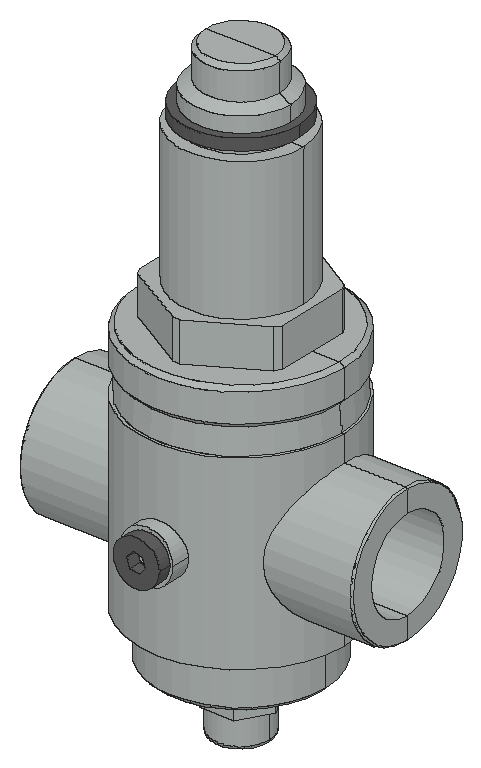
Revit family "HS00120000", category Apparecchi idraulici, Revit 2020
Family settings
  Quota connettore circolare = Usa diametro
  Tipo di parte = Normale
  Numero OmniClass = 23.45.00.00
  Titolo OmniClass = Sanitary, Laundry, and Cleaning Equipment
  Basato su piano di lavoro = No
  Sempre verticale = Sì
  Taglio con vuoti quando caricato = No
  Condiviso = No
  Punto di calcolo locali = No
Parameters
  URL = "https://web.cimberio.it/index.php/figura/1419?subcategoria_id=42"
  Temperatura di esercizio = "0 ÷ 80°C"
  Prospetto di default = 0 mm
  Produttore = "CIMBERIO SPA"
  Pressione nominale = "PN 25"
  Modello = "Cim 1430N"
  Materiale = "Prodotto in lega di ottone conforme alla norma EN 12165-CW617N-DW."
  Descrizione = "Utilizzato nei più svariati settori dell'impiantistica: reti di distribuzione acqua potabile, impianti di riscaldamento, condizionamento, igienico-sanitari e in generale con ogni fluido non corrosivo."
  DN Model [instance] = HS00121032 : HS00121032
  DN [instance] = 32 mm
  Commenti sul tipo = "Realizzato in ottemperanza ai requisiti gestionali della norma EN ISO 9001. Collaudato al 100% secondo la normativa EN 12266-1."
Reference planes
  plane 1 "Centro (Fronte/Retro)": y = 0
  plane 2: z = 0
  plane 3 "Centro (Sinistra/Destra)": x = 0
Dimensions and locks
  aligned and locked: level to plane 2
Nested families
  nested 1: "HS00121032" at (0, 0, 0), type <- "DN Model", type "HS00121032"
  nested 2: "HS00121032" at (0, 0, 0), type <- "DN Model", type "HS00121032"
  nested 3: "HS00121032" at (0, 0, 0), type <- "DN Model", type "HS00121032"
  nested 4: "HS00121032" at (0, 0, 0), type <- "DN Model", type "HS00121032"
  nested 5: "HS00121032" at (0, 0, 0), type <- "DN Model", type "HS00121032"
  nested 6: "HS00121032" at (0, 0, 0), type <- "DN Model", type "HS00121032"
Connectors
  piping at (58, 0, 0), diameter 32, driven by "DN"
    settings: on nested 1, index 1, connector inside diameter 609.6 mm, connector length 0 mm, flow factor 0, pipe flow 0.0 L/s, pressure drop 0.0 Pa, fitting loss kfactor 0, connector angle 0.00°, fixture units 0, engagement length 0 mm, angle of deflection 0.00°, flow configuration 0, flow direction 0, fitting loss method 0, system type 7, joint type 0, gender type 0, connector reference index -1, connector utility 0, adjustable connector no, is connector primary yes, connector description ""
  piping at (-58, 0, 0), diameter 32, driven by "DN"
    settings: on nested 1, index 2, connector inside diameter 609.6 mm, connector length 0 mm, flow factor 0, pipe flow 0.0 L/s, pressure drop 0.0 Pa, fitting loss kfactor 0, connector angle 0.00°, fixture units 0, engagement length 0 mm, angle of deflection 0.00°, flow configuration 0, flow direction 0, fitting loss method 0, system type 7, joint type 0, gender type 0, connector reference index -1, connector utility 0, adjustable connector no, is connector primary no, connector description ""
Definition of nested family "HS00121032"
  Parameters (values of type "HS00121032")
    Default Elevation = 0 mm
  Reference planes
    plane 1 "Centro (Fronte/Retro)": y = 0
    plane 2: z = 0
    plane 3 "Centro (Sinistra/Destra)": x = 0
  Forms (mm)
    Revolve 1, solid
      sketch origin (0, 0, 4.5) x (1, 0, 0) y (0, 0, 1)
        loop
          line (-16, 50.5) -> (-34.5, 50.5) -> (-36, 49) -> (-36, 39) -> (-34.5, 37.5) -> (-34.972, 28.501) -> (-36, 28.501) -> (-36, -37.5) -> (-31, -37.5) -> (-29.5, -40) -> (-29.5, -53) -> (-28, -54.5) -> (-16, -54.5) -> (-16, 50.5)
        axis (0, 50.5) -> (0, -54.5)
      angle from 0 to 360
    Revolve 2, solid
      sketch origin (0, 0, 63.5) x (1, 0, 0) y (0, 0, 1)
        loop
          line (0, 79) -> (-12, 79) -> (-13.5, 77.5) -> (-13.5, 68) -> (-17.5, 65.691) -> (-17.5, 54) -> (-22, 54) -> (-22, 5) -> (0, 5) -> (0, 79)
        axis (0, 79) -> (0, 5)
      angle from 0 to 360
    Revolve 3, solid
      sketch origin (0, 0, 0) x (1, 0, 0) y (0, 0, 1)
        loop
          line (-58, 16) -> (-22.731, 16) -> (-22.731, 24) -> (-57.36, 24) -> (-58, 23.5) -> (-58, 16)
        axis (-58, 0) -> (-22.731, 0)
      angle from 0 to 360
    Extrusion 4, solid
      sketch origin (0, 0, 0) x (1, 0, 0) y (0, 1, 0)
        loop
          line (12, 0) -> (6, 10.392) -> (-6, 10.392) -> (-12, 0) -> (-6, -10.392) -> (6, -10.392) -> (12, 0)
      from -62.5 to -50
    Revolve 5, solid
      sketch origin (0, 0, -22.5) x (1, 0, 0) y (0, 0, 1)
        loop
          line (0, -40) -> (0, -50.056) -> (9, -50.056)
          arc (9, -50.056) -> (9.707, -49.763) -> (10, -49.056) r 1
          line (10, -49.056) -> (10, -40) -> (0, -40)
        axis (0, -40) -> (0, -50.056)
      angle from 0 to 360
    Extrusion 6, solid
      sketch origin (0, 0, 8.063) x (1, 0, 0) y (0, 1, 0)
        loop
          circle (0, 0) r 17
        loop
          circle (0, 0) r 20.5
      from 111.937 to 115.937
    Extrusion 7, solid
      sketch origin (0, 0, 0) x (1, 0, 0) y (0, 0, 1)
        loop
          circle (0, 0) r 9.25
        loop
          line (-1.055, 3.299) -> (-3.385, 0.736) -> (-2.33, -2.564) -> (1.055, -3.299) -> (3.385, -0.736) -> (2.33, 2.564) -> (-1.055, 3.299)
      from -41 to 41
    Extrusion 8, solid
      sketch origin (0, 0, 0) x (1, 0, 0) y (0, 0, 1)
        loop
          circle (0, 0) r 8
        loop
          line (-3.385, 0.736) -> (-2.33, -2.564) -> (1.055, -3.299) -> (3.385, -0.736) -> (2.33, 2.564) -> (-1.055, 3.299) -> (-3.385, 0.736)
      from 41 to 45.5
    Extrusion 9, solid
      sketch origin (0, 0, 0) x (1, 0, 0) y (0, 0, -1)
        loop
          circle (0, 0) r 8
        loop
          line (-3.385, -0.736) -> (-1.055, -3.299) -> (2.33, -2.564) -> (3.385, 0.736) -> (1.055, 3.299) -> (-2.33, 2.564) -> (-3.385, -0.736)
      from 41 to 45.5
    Extrusion 10, solid
      sketch origin (0, 0, 0) x (0, -1, 0) y (1, 0, 0)
        loop
          arc (-28.194, 1.242) -> (-28.224, -0.053) -> (-28.194, -1.347) r 28.15
          line (-28.194, -1.347) -> (-15.255, -23.758)
          arc (-15.255, -23.758) -> (-14.149, -24.431) -> (-13.013, -25.053) r 28.15
          line (-13.013, -25.053) -> (12.865, -25.053)
          arc (12.865, -25.053) -> (14.001, -24.431) -> (15.107, -23.758) r 28.15
          line (15.107, -23.758) -> (28.047, -1.347)
          arc (28.047, -1.347) -> (28.076, -0.053) -> (28.047, 1.242) r 28.15
          line (28.047, 1.242) -> (15.107, 23.653)
          arc (15.107, 23.653) -> (14.001, 24.326) -> (12.865, 24.947) r 28.15
          line (12.865, 24.947) -> (-13.013, 24.947)
          arc (-13.013, 24.947) -> (-14.149, 24.326) -> (-15.255, 23.653) r 28.15
          line (-15.255, 23.653) -> (-28.194, 1.242)
      from 55 to 68.5
    Revolve 11, solid
      sketch origin (0, 0, 0) x (-1, 0, 0) y (0, 0, 1)
        loop
          line (-58, 16) -> (-22.731, 16) -> (-22.731, 24) -> (-57.36, 24) -> (-58, 23.5) -> (-58, 16)
        axis (-58, 0) -> (-22.731, 0)
      angle from 0 to 360
  Dimensions and locks
    aligned and locked: level to plane 2
